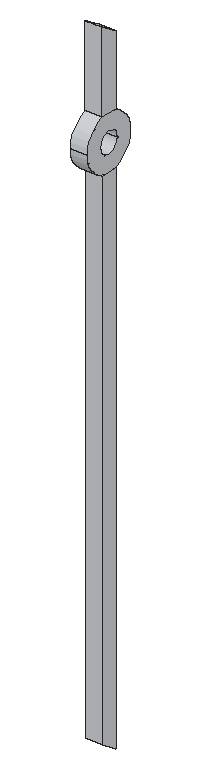
Revit family
Parameters (values of type "20mm")
  built-in parameter 1008623 [instance] = 32.47°
  built-in parameter 1008625 [instance] = (empty or 0)
  Post = no
  built-in parameter 1008624 [instance] = 32.47°
  Width = 20 mm
  Baluster Material = none
  built-in parameter 1008622 [instance] = 762 mm
Types (3, lengths in mm): name | Width
  (no name) | 20
  25mm | 25
  20mm | 20
Reference planes
  plane 1 "Center F/B": y = 0
  plane 2: z = 0
  plane 3 "Center L/R": x = 0
  plane 4 "Top": z = 762
  plane 5 "Top Angle Cut": through (0, 345.134, 542.379) normal (0, -0.5369, -0.8437)
  plane 6: z = 862
  plane 7: z = 609.6
  plane 8: z = 673.1
  plane 9: z = 641.35
  plane 10: z = -100
  plane 11 "Bottom Angle Cut": through (0, 0, 0) normal (0, -0.5369, -0.8437)
  plane 12: y = 50
  plane 13: x = 50
  plane 14: y = -50
  plane 15: x = -50
Forms (mm)
  Extrusion 1, solid, material <- "Baluster Material"
    sketch origin (0, 0, 0) x (1, 0, 0) y (0, 1, 0)
      loop
        line (-10, 10) -> (-10, -10) -> (10, -10) -> (10, 10) -> (-10, 10)
    from 673.1 to 862
  Extrusion 2, void
    sketch origin (0, 0, 0) x (0, 1, 0) y (0, 0, 1)
      loop
        line (-50, 862) -> (-50, 793.817) -> (50, 730.183) -> (50, 862) -> (-50, 862)
    from -50 to 50
  Extrusion 3, solid, material <- "Baluster Material"
    sketch origin (0, 0, 0) x (1, 0, 0) y (0, 1, 0)
      loop
        line (-9.525, 10.475) -> (-9.525, -9.525) -> (10.475, -9.525) -> (10.475, 10.475) -> (-9.525, 10.475)
    from -100 to 609.6
  Extrusion 4, solid, material <- "Baluster Material"
    sketch origin (0, 0, 0) x (0, 1, 0) y (0, 0, 1)
      loop
        circle (0, 641.35) r 31.75
      loop
        circle (0, 641.35) r 12.7
    from -10 to 10
  Extrusion 5, void
    sketch origin (0, 0, 0) x (0, 1, 0) y (0, 0, 1)
      loop
        line (-50, -100) -> (50, -100) -> (50, -31.817) -> (-50, 31.817) -> (-50, -100)
    from -50 to 50
Cuts and joins
  Extrusion 2, Extrusion 5 cuts Extrusion 1
  Extrusion 5 cuts Extrusion 3
  Extrusion 5 cuts Extrusion 4
Dimensions and locks
  "built-in parameter 1008622": plane 2 to plane 4 "Top"
  plane 4 "Top" to plane 6 = 100 mm
  Extrusion 1 sketch curve to plane 3 "Center L/R" to Extrusion 1 sketch curve = 10 mm, 10 mm
  Extrusion 1 sketch curve to plane 1 "Center F/B" to Extrusion 1 sketch curve = 10 mm, 10 mm
  "Width": Extrusion 1 sketch curve to Extrusion 1 sketch curve  (x2)
  Extrusion 3 sketch curve to Extrusion 3 sketch curve = 20 mm  (x2)
  "Width": Extrusion 3 sketch curve to Extrusion 3 sketch curve  (x2)
  plane 7 to plane 8 = 63.5 mm
  plane 7 to plane 9 to plane 8 = 31.75 mm, 31.75 mm
  level to plane 10 = 100 mm
  plane 7 to plane 4 "Top" = 152.4 mm
  plane 15 to plane 3 "Center L/R" = 50 mm
  plane 3 "Center L/R" to plane 13 = 50 mm
  plane 1 "Center F/B" to plane 12 = 50 mm
  plane 14 to plane 1 "Center F/B" = 50 mm
  "built-in parameter 1008623": angle plane 4 "Top" to plane 5 "Top Angle Cut"
  "built-in parameter 1008624": angle level to plane 11 "Bottom Angle Cut"
  aligned: Extrusion 1 to plane 6
  aligned: Extrusion 3 to plane 7
  aligned: plane 8 to Extrusion 1
  aligned: Extrusion 4 to cut or joined group of Extrusion 1, Extrusion 2, Extrusion 5  (x2)
  aligned: plane 10 to Extrusion 3
  aligned: plane 15 to Extrusion 2
  aligned: Extrusion 2 to plane 13
  aligned: plane 12 to Extrusion 2 sketch curve
  aligned: plane 14 to Extrusion 2 sketch curve
  aligned: plane 6 to Extrusion 2 sketch curve
  aligned: Extrusion 2 sketch curve to plane 5 "Top Angle Cut"
  aligned: plane 10 to Extrusion 5 sketch curve
  aligned: plane 14 to Extrusion 5 sketch curve
  aligned: Extrusion 5 sketch curve to plane 12
  aligned: Extrusion 5 sketch curve to plane 11 "Bottom Angle Cut"
  aligned: plane 15 to Extrusion 5
  aligned: Extrusion 5 to plane 13
Automatic sketch dimensions
  Extrusion 3 sketch curve to plane 3 "Center L/R" = 9.525 mm
  plane 1 "Center F/B" to Extrusion 3 sketch curve = 9.525 mm
  Extrusion 4 sketch curve to plane 9 = 0 mm  (x2)
  Extrusion 4 sketch curve to plane 1 "Center F/B" = 0 mm  (x2)
  plane 1 "Center F/B" to Extrusion 4 sketch curve = 12.7 mm
  Extrusion 4 sketch curve to Extrusion 4 sketch curve = 19.05 mm
